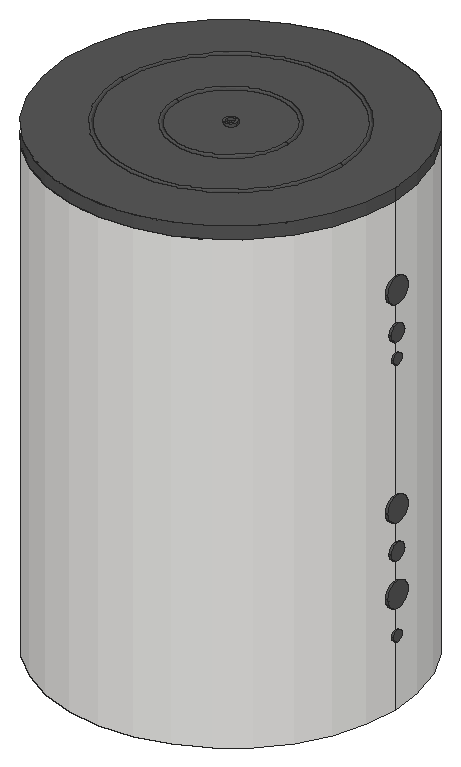
Revit family "S-tank_HFWT", category Оборудование, Revit 2019
Family settings
  Размер круглого соединителя = Использовать диаметр
  Классификация = Нет
  Тип детали = Нормальный
  На основе рабочей плоскости = Нет
  Всегда вертикально = Да
  При загрузке вырезать с полостями = Нет
  Общий = Нет
  Точка расчета площади = Нет
Parameters (values of type "HFWT 3000")
  Разработка семейств = "https://rubim.tech/"
  Диаметр = 1630 mm
  shrf = 17.536 mm
  dnH = 40 mm
  dnG = 40 mm
  dnF = 25 mm
  dnE = 15 mm
  dnD = 40 mm
  dnC = 25 mm
  dnB = 40 mm
  dnA = 15 mm
  dn1 = 15 mm
  dlg = Диаметр + 100 mm  # 1730 mm
  a = Диаметр / 6  # 271.667 mm
  K = 1865 mm
  I = 1675 mm
  H = 2315 mm
  G = 2130 mm
  F = 1890 mm
  E = 1560 mm
  Dt = 240 mm
  D3 = 80 mm
  D2 = 50 mm
  D1 = 30 mm
  D = 895 mm
  C = 705 mm
  B = 515 mm
  ADSK_Примечание [instance] = ""
  ADSK_Позиция [instance] = ""
  ADSK_Обозначение = "HFWT 3000"
  ADSK_Наименование краткое [instance] = "БEсГВС"
  ADSK_Наименование = "Буферная емкость c ГВС"
  ADSK_Масса_Текст [instance] = ""
  ADSK_Масса = 110
  ADSK_Марка = "HFWT 3000"
  ADSK_Количество [instance] = 1  # constant formula
  ADSK_Код изделия = "2.3007"
  ADSK_Завод-изготовитель = "ООО “С-ТЭНК ВОТЕР ХИТЕРС”"
  ADSK_Единица измерения = "шт."  # constant formula
  ADSK_Группирование = "Оборудование"
  ADSK_URL документации изделия = "http://s-tank.ru/hfwt/"
  A = 332 mm
Types (8, lengths in mm): name | Диаметр | dlg | a | K | I | H | E | D | C | B | ADSK_Обозначение | ADSK_Масса | ADSK_Марка | ADSK_Код изделия | A
  HFWT 300 | 630 | 730 | 105 | 1520 | 1360 | 1600 | 1200 | 1040 | 440 | 280 | "HFWT 300" | 101 | "HFWT 300" | "2.3001" | 125
  HFWT 500 | 780 | 880 | 130 | 1515 | 1355 | 1680 | 1195 | 1035 | 435 | 275 | "HFWT 500" | 130 | "HFWT 500" | "2.3002" | 122
  HFWT 750 | 920 | 1020 | 153.333 | 1505 | 1345 | 1630 | 1185 | 1025 | 425 | 265 | "HFWT 750" | 145 | "HFWT 750" | "2.3002" | 117
  HFWT 1000 | 920 | 1020 | 153.333 | 2080 | 1920 | 2205 | 1675 | 1430 | 510 | 265 | "HFWT 1000" | 175 | "HFWT 1000" | "2.3003" | 117
  HFWT 1200 | 1070 | 1170 | 178.333 | 1825 | 1665 | 2080 | 1475 | 1285 | 505 | 315 | "HFWT 1200" | 195 | "HFWT 1200" | "2.3004" | 177
  HFWT 1500 | 1070 | 1170 | 178.333 | 2175 | 2015 | 2370 | 1775 | 1535 | 555 | 315 | "HFWT 1500" | 225 | "HFWT 1500" | "2.3005" | 177
  HFWT 2000 | 1350 | 1450 | 225 | 1910 | 1750 | 2100 | 1560 | 1370 | 590 | 400 | "HFWT 2000" | 285 | "HFWT 2000" | "2.3006" | 250
  HFWT 3000 | 1630 | 1730 | 271.667 | 1865 | 1675 | 2315 | 1560 | 895 | 705 | 515 | "HFWT 3000" | 110 | "HFWT 3000" | "2.3007" | 332
Reference planes
  plane 1 "По центру (Вперед/Назад)": y = 0
  plane 2: z = 0
  plane 3 "По центру (Влево/Вправо)": x = 0
  plane 4: z = 332
  plane 5: z = 515
  plane 6: z = 705
  plane 7: z = 895
  plane 8: z = 1560
  plane 9: z = 1675
  plane 10: z = 1865
  plane 11: z = 2315
  plane 12: x = 815
  plane 13: x = -815
  plane 14: x = 271.667
  plane 15: x = 543.333
Forms (mm)
  Extrusion 1, solid, material "RB_Серая порошковая"
    sketch origin (0, 0, 0) x (1, 0, 0) y (0, 1, 0)
      loop
        circle (0, 0) r 815
    from 0 to 2255.381
  Extrusion 2, void
    sketch origin (0, 0, 0) x (0, 1, 0) y (0, 0, 1)
      loop
        circle (0, 1865) r 40
      loop
        circle (0, 1675) r 25
      loop
        circle (0, 1560) r 15
      loop
        circle (0, 705) r 40
      loop
        circle (0, 705) r 25
      loop
        circle (0, 515) r 40
      loop
        circle (0, 332) r 15
    from 797.464 to 815
  Extrusion 3, solid, material "RB_Черный пластик"
    sketch origin (0, 0, 0) x (0, 1, 0) y (0, 0, 1)
      loop
        circle (0, 1865) r 60
      loop
        circle (0, 1675) r 40
      loop
        circle (0, 1560) r 25
      loop
        circle (0, 895) r 60
      loop
        circle (0, 705) r 40
      loop
        circle (0, 515) r 60
      loop
        circle (0, 332) r 25
    from 797.464 to 827.016
  Extrusion 4, solid, material "RB_Черный пластик"
    sketch origin (0, 0, 0) x (1, 0, 0) y (0, 1, 0)
      loop
        circle (0, 0) r 815
    from 2255.381 to 2315
  Revolve 5, solid, material "RB_Черный пластик"
    sketch origin (0, 0, 0) x (1, 0, 0) y (0, 0, 1)
      loop
        line (264.167, 2315) -> (279.167, 2315)
        arc (279.167, 2315) -> (271.667, 2322.5) -> (264.167, 2315) r 7.5
      loop
        line (535.833, 2315) -> (550.833, 2315)
        arc (550.833, 2315) -> (543.333, 2322.5) -> (535.833, 2315) r 7.5
      axis (0, 2315) -> (0, 2316)
    angle from 0 to 360
  Extrusion 6, solid, material "RB_Черный пластик"
    sketch origin (0, 0, 0) x (0, 1, 0) y (0, 0, 1)
      loop
        circle (0, 515) r 120
    from -870.151 to -759.849
  Extrusion 7, solid, material "RB_Черный пластик"
    sketch origin (0, 0, 0) x (1, 0, 0) y (0, 1, 0)
      loop
        circle (0, 0) r 30
    from 2255.381 to 2324.911
  Extrusion 8, void
    sketch origin (0, 0, 0) x (1, 0, 0) y (0, 1, 0)
      loop
        circle (0, 0) r 20
    from 2299.546 to 2943.393
  Extrusion 9, solid, material "Пластик синий", not visible
    sketch origin (-10, 0, 0) x (1, 0, 0) y (0, 0, 1)
      loop
        arc (-214.556, 2447.232) -> (-232.056, 2439.983) -> (-239.304, 2422.483) r 24.749
        line (-239.304, 2422.483) -> (-239.304, 2312.722)
        arc (-239.304, 2312.722) -> (-232.056, 2295.222) -> (-214.556, 2287.974) r 24.749
        line (-214.556, 2287.974) -> (236.637, 2287.974)
        arc (236.637, 2287.974) -> (254.137, 2295.222) -> (261.386, 2312.722) r 24.749
        line (261.386, 2312.722) -> (261.386, 2419.921)
        arc (261.386, 2419.921) -> (253.386, 2439.233) -> (234.075, 2447.232) r 27.311
        line (234.075, 2447.232) -> (-214.556, 2447.232)
      loop
        arc (-214.556, 2438.942) -> (-226.193, 2434.121) -> (-231.014, 2422.483) r 16.459
        line (-231.014, 2422.483) -> (-231.014, 2331.205) -> (253.095, 2331.205) -> (253.095, 2419.921)
        arc (253.095, 2419.921) -> (247.524, 2433.371) -> (234.075, 2438.942) r 19.021
        line (234.075, 2438.942) -> (-214.556, 2438.942)
      loop
        line (-116.046, 2397.234) -> (-116.046, 2379.698) -> (-66.046, 2379.698) -> (-66.046, 2397.234) -> (-116.046, 2397.234)
      loop
        line (-35.5, 2407.644) -> (-35.5, 2351.203) -> (-17.964, 2351.203) -> (-17.964, 2407.644) -> (3.307, 2407.644) -> (10.935, 2425.18) -> (-55.856, 2425.18) -> (-55.856, 2407.644) -> (-35.5, 2407.644)
      loop
        line (-4.455, 2351.203) -> (16.32, 2351.203) -> (21.163, 2358.826) -> (45.46, 2358.826) -> (45.46, 2351.203) -> (62.995, 2351.203) -> (62.995, 2377.893) -> (33.276, 2377.893) -> (45.354, 2396.904) -> (45.354, 2384.257) -> (62.89, 2384.257) -> (62.89, 2407.584)
        arc (62.89, 2407.584) -> (55.992, 2420.906) -> (41.133, 2422.962) r 16.313
        line (41.133, 2422.962) -> (-4.455, 2351.203)
      loop
        line (86.358, 2401.269) -> (116.822, 2357.761)
        arc (116.822, 2357.761) -> (128.648, 2352.398) -> (139.043, 2360.18) r 12.751
        line (139.043, 2360.18) -> (139.043, 2425.18) -> (121.507, 2425.18) -> (121.507, 2377.222) -> (92.828, 2418.18)
        arc (92.828, 2418.18) -> (79.663, 2423.791) -> (68.822, 2414.45) r 13.534
        line (68.822, 2414.45) -> (68.822, 2351.203) -> (86.358, 2351.203) -> (86.358, 2401.269)
      loop
        line (149.043, 2425.18) -> (149.043, 2351.203) -> (166.579, 2351.203) -> (166.579, 2387.789) -> (192.196, 2351.203) -> (210.508, 2351.203) -> (181.783, 2392.226) -> (202.719, 2425.18) -> (184.948, 2425.18) -> (166.579, 2396.266) -> (166.579, 2425.18) -> (149.043, 2425.18)
    from 759.938 to 875
  Extrusion 10, solid, material "Пластик красный", not visible
    sketch origin (-10, 0, 0) x (1, 0, 0) y (0, 0, 1)
      loop
        line (-183.191, 2407.644) -> (-125.538, 2407.644)
        arc (-125.538, 2407.644) -> (-123.959, 2409.01) -> (-124.451, 2411.038) r 2.004
        line (-124.451, 2411.038) -> (-138.593, 2425.18) -> (-178.435, 2425.18)
        arc (-178.435, 2425.18) -> (-183.863, 2417.24) -> (-183.191, 2407.644) r 14.637
      loop
        line (-178.104, 2401.189) -> (-146.323, 2368.739) -> (-182.715, 2368.739)
        arc (-182.715, 2368.739) -> (-184.77, 2366.881) -> (-184.098, 2364.192) r 2.693
        line (-184.098, 2364.192) -> (-171.109, 2351.203) -> (-128.051, 2351.203)
        arc (-128.051, 2351.203) -> (-118.902, 2357.387) -> (-121.231, 2368.182) r 9.859
        line (-121.231, 2368.182) -> (-153.559, 2401.189) -> (-178.104, 2401.189)
    from -875 to 875
  Extrusion 11, void
    sketch origin (0, 0, 0) x (0, 1, 0) y (0, 0, 1)
      loop
        circle (0, 1675) r 15
    from -982.718 to -800
Cuts and joins
  Extrusion 2, Extrusion 8, Extrusion 11 cuts Extrusion 1
  Extrusion 8 cuts Extrusion 4
  Extrusion 8 cuts Extrusion 7
  Extrusion 11 cuts Extrusion 3
Dimensions and locks
  "H": plane 11 to plane 2
  "I": plane 9 to plane 2
  "E": plane 8 to plane 2
  "D": plane 7 to plane 2
  "C": plane 6 to plane 2
  "B": plane 5 to plane 2
  "A": plane 4 to plane 2
  "Диаметр": plane 12 to plane 13
  equal spacing: plane 12, plane 3 "По центру (Влево/Вправо)", plane 13
  locked: plane 12 to cut or joined group of Extrusion 1, Extrusion 2, Extrusion 8, Extrusion 11 at 17.536
  locked: Extrusion 3 to plane 12 at 12.016
  cut or joined group of Extrusion 1, Extrusion 2, Extrusion 8, Extrusion 11 to plane 11 = 59.619 mm
  "a": plane 14 to plane 3 "По центру (Влево/Вправо)"
  "a": plane 15 to plane 14
  equal spacing: Revolve 5 sketch curve, plane 14, Revolve 5 sketch curve
  equal spacing: Revolve 5 sketch curve, plane 15, Revolve 5 sketch curve
  "dn1": Revolve 5 sketch curve to Revolve 5 sketch curve  (x2)
  locked: Extrusion 7 to Extrusion 4 at 9.911
  locked: cut or joined group of Extrusion 4, Extrusion 8 to cut or joined group of Extrusion 7, Extrusion 8 at 15.454
  "shrf": Extrusion 9 sketch curve to Extrusion 9 sketch curve  (x11)
  Extrusion 9 sketch curve to Extrusion 9 sketch curve = 15 mm  (x2)
  "shrf": Extrusion 10 sketch curve to Extrusion 10 sketch curve  (x3)
  locked: plane 11 to cut or joined group of Extrusion 4, Extrusion 8 at 59.619
  equal spacing: Extrusion 6, plane 13, Extrusion 6, locked at 55.151 each
  "K": plane 10 to plane 2
  locked: cut or joined group of Extrusion 1, Extrusion 2, Extrusion 8, Extrusion 11 to plane 13 at 15
  "Диаметр": diameter of Extrusion 1 sketch curve
  "D3": diameter of Extrusion 2 sketch curve  (x3)
  "D2": diameter of Extrusion 2 sketch curve  (x2)
  "D1": diameter of Extrusion 2 sketch curve  (x2)
  "Диаметр": diameter of Extrusion 4 sketch curve
  "Dt": diameter of Extrusion 6 sketch curve
  aligned and locked: level to plane 2
  aligned and locked: plane 12 to Extrusion 2
  aligned and locked: Extrusion 3 to cut or joined group of Extrusion 1, Extrusion 2, Extrusion 8, Extrusion 11
  aligned and locked: Extrusion 9 sketch curve to Extrusion 9 sketch curve  (x3)
  aligned and locked: Extrusion 9 to Extrusion 10 sketch curve
  aligned and locked: Extrusion 10 sketch curve to Extrusion 9
  aligned and locked: cut or joined group of Extrusion 4, Extrusion 8 to Extrusion 7
  aligned and locked: cut or joined group of Extrusion 1, Extrusion 2, Extrusion 8, Extrusion 11 to cut or joined group of Extrusion 4, Extrusion 8
  aligned and locked: cut or joined group of Extrusion 1, Extrusion 2, Extrusion 8, Extrusion 11 to level
  aligned and locked: cut or joined group of Extrusion 4, Extrusion 8 to plane 11
Automatic sketch dimensions
  Extrusion 3 sketch curve to plane 1 "По центру (Вперед/Назад)" = 0 mm  (x7)
  plane 4 to Extrusion 3 sketch curve = 0 mm
  plane 5 to Extrusion 3 sketch curve = 0 mm
  plane 6 to Extrusion 3 sketch curve = 0 mm
  plane 7 to Extrusion 3 sketch curve = 0 mm
  plane 8 to Extrusion 3 sketch curve = 0 mm
  plane 9 to Extrusion 3 sketch curve = 0 mm
  plane 10 to Extrusion 3 sketch curve = 0 mm
  plane 1 "По центру (Вперед/Назад)" to Extrusion 7 sketch curve = 0 mm
  Extrusion 7 sketch curve to plane 3 "По центру (Влево/Вправо)" = 0 mm
  plane 1 "По центру (Вперед/Назад)" to Extrusion 8 sketch curve = 0 mm
  Extrusion 8 sketch curve to plane 3 "По центру (Влево/Вправо)" = 0 mm
  Extrusion 9 sketch curve to Extrusion 9 sketch curve = 0 mm  (x12)
  Extrusion 9 sketch curve to Extrusion 9 sketch curve = 8.29 mm
  Extrusion 9 sketch curve to Extrusion 9 sketch curve = 16.459 mm  (x3)
  Extrusion 9 sketch curve to Extrusion 9 sketch curve = 98.509 mm
  Extrusion 9 sketch curve to Extrusion 9 sketch curve = 50 mm
  Extrusion 9 sketch curve to Extrusion 9 sketch curve = 10.19 mm
  Extrusion 9 sketch curve to Extrusion 9 sketch curve = 20.356 mm
  Extrusion 9 sketch curve to Extrusion 9 sketch curve = 13.509 mm
  Extrusion 9 sketch curve to Extrusion 9 sketch curve = 4.843 mm
  Extrusion 9 sketch curve to Extrusion 9 sketch curve = 12.113 mm
  Extrusion 9 sketch curve to Extrusion 9 sketch curve = 30.199 mm
  Extrusion 9 sketch curve to Extrusion 9 sketch curve = 12.078 mm
  Extrusion 9 sketch curve to Extrusion 9 sketch curve = 12.183 mm
  Extrusion 9 sketch curve to Extrusion 9 sketch curve = 1.223 mm
  Extrusion 9 sketch curve to Extrusion 9 sketch curve = 5.932 mm
  Extrusion 9 sketch curve to Extrusion 9 sketch curve = 4.616 mm
  Extrusion 9 sketch curve to Extrusion 9 sketch curve = 11.087 mm
  Extrusion 9 sketch curve to Extrusion 9 sketch curve = 30.465 mm
  Extrusion 9 sketch curve to Extrusion 9 sketch curve = 4.684 mm
  Extrusion 9 sketch curve to Extrusion 9 sketch curve = 11.775 mm
  Extrusion 9 sketch curve to Extrusion 9 sketch curve = 10 mm
  Extrusion 9 sketch curve to Extrusion 9 sketch curve = 15.205 mm
  Extrusion 9 sketch curve to Extrusion 9 sketch curve = 18.369 mm
  Extrusion 9 sketch curve to Extrusion 9 sketch curve = 25.618 mm
  Extrusion 9 sketch curve to Extrusion 9 sketch curve = 17.771 mm
  Extrusion 9 sketch curve to Extrusion 9 sketch curve = 18.312 mm
  Extrusion 9 sketch curve to Extrusion 9 sketch curve = 31.356 mm
  Extrusion 9 sketch curve to Extrusion 9 sketch curve = 18.483 mm
  Extrusion 9 sketch curve to Extrusion 9 sketch curve = 38.481 mm
  Extrusion 9 sketch curve to Extrusion 9 sketch curve = 6.557 mm
  Extrusion 9 sketch curve to Extrusion 9 sketch curve = 8.977 mm
  Extrusion 9 sketch curve to Extrusion 9 sketch curve = 12.148 mm
  Extrusion 9 sketch curve to Extrusion 9 sketch curve = 28.495 mm
  Extrusion 9 sketch curve to Extrusion 9 sketch curve = 12.647 mm
  Extrusion 9 sketch curve to Extrusion 9 sketch curve = 6.316 mm
  Extrusion 9 sketch curve to Extrusion 9 sketch curve = 15.318 mm
  Extrusion 9 sketch curve to Extrusion 9 sketch curve = 9.148 mm
  Extrusion 9 sketch curve to Extrusion 9 sketch curve = 6.865 mm
  Extrusion 9 sketch curve to Extrusion 9 sketch curve = 5.259 mm
  Extrusion 9 sketch curve to Extrusion 9 sketch curve = 28.915 mm
  Extrusion 10 sketch curve to Extrusion 10 sketch curve = 0.908 mm
  Extrusion 10 sketch curve to Extrusion 10 sketch curve = 1.383 mm
  Extrusion 10 sketch curve to Extrusion 10 sketch curve = 1.904 mm
  Extrusion 10 sketch curve to Extrusion 10 sketch curve = 4.756 mm
  Extrusion 10 sketch curve to Extrusion 10 sketch curve = 5.086 mm
  Extrusion 10 sketch curve to Extrusion 10 sketch curve = 12.989 mm
  Extrusion 10 sketch curve to Extrusion 10 sketch curve = 8.698 mm
  Extrusion 10 sketch curve to Extrusion 10 sketch curve = 16.177 mm
  Extrusion 10 sketch curve to Extrusion 10 sketch curve = 24.787 mm
  Extrusion 10 sketch curve to Extrusion 10 sketch curve = 14.966 mm
  Extrusion 10 sketch curve to Extrusion 10 sketch curve = 18.272 mm
  Extrusion 10 sketch curve to Extrusion 10 sketch curve = 12.725 mm
  Extrusion 10 sketch curve to Extrusion 10 sketch curve = 0.33 mm
  Extrusion 10 sketch curve to Extrusion 10 sketch curve = 1.417 mm
  Extrusion 10 sketch curve to Extrusion 10 sketch curve = 6.82 mm
  Extrusion 10 sketch curve to Extrusion 10 sketch curve = 4.547 mm
  Extrusion 10 sketch curve to Extrusion 10 sketch curve = 1.977 mm
  Extrusion 9 sketch curve to Extrusion 9 sketch curve = 21.271 mm
  Extrusion 9 sketch curve to Extrusion 9 sketch curve = 7.628 mm
  Extrusion 9 sketch curve to Extrusion 9 sketch curve = 20.775 mm
  Extrusion 9 sketch curve to Extrusion 9 sketch curve = 26.129 mm
  Extrusion 11 sketch curve to plane 1 "По центру (Вперед/Назад)" = 0 mm
  plane 9 to Extrusion 11 sketch curve = 0 mm
  plane 1 "По центру (Вперед/Назад)" to Extrusion 1 sketch curve = 0 mm
  Extrusion 1 sketch curve to plane 3 "По центру (Влево/Вправо)" = 0 mm
  Extrusion 2 sketch curve to Extrusion 2 sketch curve = 0 mm  (x2)
  Extrusion 2 sketch curve to plane 1 "По центру (Вперед/Назад)" = 0 mm  (x6)
  plane 4 to Extrusion 2 sketch curve = 0 mm
  plane 5 to Extrusion 2 sketch curve = 0 mm
  plane 6 to Extrusion 2 sketch curve = 0 mm
  plane 8 to Extrusion 2 sketch curve = 0 mm
  plane 9 to Extrusion 2 sketch curve = 0 mm
  plane 10 to Extrusion 2 sketch curve = 0 mm
  plane 1 "По центру (Вперед/Назад)" to Extrusion 4 sketch curve = 0 mm
  Extrusion 4 sketch curve to plane 3 "По центру (Влево/Вправо)" = 0 mm
  Revolve 5 sketch curve to plane 3 "По центру (Влево/Вправо)" = 0 mm
  Revolve 5 sketch curve to plane 11 = 0 mm  (x2)
  Revolve 5 sketch curve to plane 11 = 100 mm
  Revolve 5 sketch curve to Revolve 5 sketch curve = 220 mm
  Extrusion 6 sketch curve to plane 1 "По центру (Вперед/Назад)" = 0 mm
  plane 5 to Extrusion 6 sketch curve = 0 mm
  radius of Extrusion 3 sketch curve = 60 mm  (x3)
  radius of Extrusion 3 sketch curve = 40 mm  (x2)
  radius of Extrusion 3 sketch curve = 25 mm  (x2)
  radius of Extrusion 7 sketch curve = 30 mm
  radius of Extrusion 8 sketch curve = 20 mm
  radius of Extrusion 11 sketch curve = 15 mm
Connectors
  piping at (797.464, 0, 1865), diameter 40, driven by "dnG"
    settings: on cut or joined group of Extrusion 1, Extrusion 2, Extrusion 8, Extrusion 11, index 1, connector inside diameter 609.6 mm, connector length 0 mm, flow factor 0, pipe flow 0.0 L/s, pressure drop 0.0 Pa, fitting loss kfactor 0, connector angle 0.00°, fixture units 0, engagement length 0 mm, angle of deflection 0.00°, flow configuration 0, flow direction 1, fitting loss method 0, system type 7, joint type 0, gender type 0, connector reference index -1, connector utility 0, adjustable connector no, is connector primary yes, connector description ""
  piping at (827.016, 0, 1675), diameter 25, driven by "dnF"
    settings: on Extrusion 3, index 2, connector inside diameter 609.6 mm, connector length 0 mm, flow factor 0, pipe flow 0.0 L/s, pressure drop 0.0 Pa, fitting loss kfactor 0, connector angle 0.00°, fixture units 0, engagement length 0 mm, angle of deflection 0.00°, flow configuration 0, flow direction 2, fitting loss method 0, system type 19, joint type 0, gender type 0, connector reference index -1, connector utility 0, adjustable connector no, is connector primary no, connector description ""
  piping at (797.464, 0, 1560), diameter 15, driven by "dnE"
    settings: on cut or joined group of Extrusion 1, Extrusion 2, Extrusion 8, Extrusion 11, index 3, connector inside diameter 609.6 mm, connector length 0 mm, flow factor 0, pipe flow 0.0 L/s, pressure drop 0.0 Pa, fitting loss kfactor 0, connector angle 0.00°, fixture units 0, engagement length 0 mm, angle of deflection 0.00°, flow configuration 0, flow direction 0, fitting loss method 0, system type 29, joint type 0, gender type 0, connector reference index -1, connector utility 0, adjustable connector no, is connector primary no, connector description ""
  piping at (797.464, 0, 705), diameter 40, driven by "dnD"
    settings: on cut or joined group of Extrusion 1, Extrusion 2, Extrusion 8, Extrusion 11, index 4, connector inside diameter 609.6 mm, connector length 0 mm, flow factor 0, pipe flow 0.0 L/s, pressure drop 0.0 Pa, fitting loss kfactor 0, connector angle 0.00°, fixture units 0, engagement length 0 mm, angle of deflection 0.00°, flow configuration 0, flow direction 1, fitting loss method 0, system type 8, joint type 0, gender type 0, connector reference index -1, connector utility 0, adjustable connector no, is connector primary no, connector description ""
  piping at (827.016, 0, 705), diameter 25, driven by "dnC"
    settings: on Extrusion 3, index 5, connector inside diameter 609.6 mm, connector length 0 mm, flow factor 0, pipe flow 0.0 L/s, pressure drop 0.0 Pa, fitting loss kfactor 0, connector angle 0.00°, fixture units 0, engagement length 0 mm, angle of deflection 0.00°, flow configuration 0, flow direction 1, fitting loss method 0, system type 20, joint type 0, gender type 0, connector reference index -1, connector utility 0, adjustable connector no, is connector primary no, connector description ""
  piping at (797.464, 0, 515), diameter 40, driven by "dnB"
    settings: on cut or joined group of Extrusion 1, Extrusion 2, Extrusion 8, Extrusion 11, index 6, connector inside diameter 609.6 mm, connector length 0 mm, flow factor 0, pipe flow 0.0 L/s, pressure drop 0.0 Pa, fitting loss kfactor 0, connector angle 0.00°, fixture units 0, engagement length 0 mm, angle of deflection 0.00°, flow configuration 0, flow direction 2, fitting loss method 0, system type 8, joint type 0, gender type 0, connector reference index -1, connector utility 0, adjustable connector no, is connector primary no, connector description ""
  piping at (797.464, 0, 332), diameter 15, driven by "dnA"
    settings: on cut or joined group of Extrusion 1, Extrusion 2, Extrusion 8, Extrusion 11, index 7, connector inside diameter 609.6 mm, connector length 0 mm, flow factor 0, pipe flow 0.0 L/s, pressure drop 0.0 Pa, fitting loss kfactor 0, connector angle 0.00°, fixture units 0, engagement length 0 mm, angle of deflection 0.00°, flow configuration 0, flow direction 0, fitting loss method 0, system type 7, joint type 0, gender type 0, connector reference index -1, connector utility 0, adjustable connector no, is connector primary no, connector description ""
  piping at (0, 0, 2299.546), diameter 40, driven by "dnH"
    settings: on cut or joined group of Extrusion 4, Extrusion 8, index 8, connector inside diameter 609.6 mm, connector length 0 mm, flow factor 0, pipe flow 0.0 L/s, pressure drop 0.0 Pa, fitting loss kfactor 0, connector angle 0.00°, fixture units 0, engagement length 0 mm, angle of deflection 0.00°, flow configuration 0, flow direction 2, fitting loss method 0, system type 7, joint type 0, gender type 0, connector reference index -1, connector utility 0, adjustable connector no, is connector primary no, connector description ""
  piping at (827.016, 0, 895), diameter 40, driven by "dnD"
    settings: on Extrusion 3, index 9, connector inside diameter 609.6 mm, connector length 0 mm, flow factor 0, pipe flow 0.0 L/s, pressure drop 0.0 Pa, fitting loss kfactor 0, connector angle 0.00°, fixture units 0, engagement length 0 mm, angle of deflection 0.00°, flow configuration 0, flow direction 1, fitting loss method 0, system type 7, joint type 0, gender type 0, connector reference index -1, connector utility 0, adjustable connector no, is connector primary no, connector description ""
  piping at (-800, 0, 1675), diameter 15
    settings: on cut or joined group of Extrusion 1, Extrusion 2, Extrusion 8, Extrusion 11, index 10, connector inside diameter 609.6 mm, connector length 0 mm, flow factor 0, pipe flow 0.0 L/s, pressure drop 0.0 Pa, fitting loss kfactor 0, connector angle 0.00°, fixture units 0, engagement length 0 mm, angle of deflection 0.00°, flow configuration 0, flow direction 0, fitting loss method 0, system type 28, joint type 0, gender type 0, connector reference index -1, connector utility 0, adjustable connector no, is connector primary no, connector description ""
